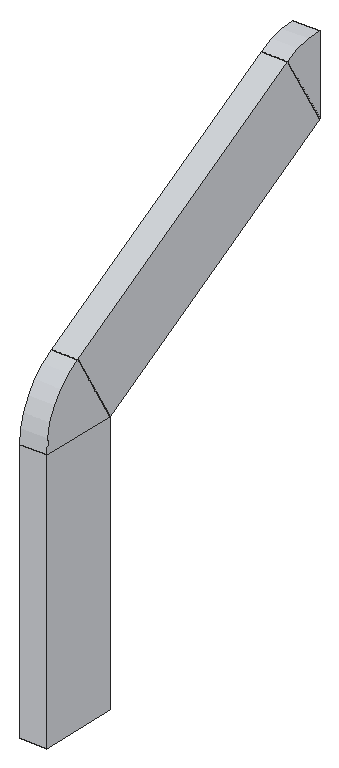
Revit family "telaio_studio", category Modelli generici, Revit 2019
Family settings
  Può ospitare armatura = No
  Quota connettore circolare = Usa diametro
  Tipo di parte = Normale
  Basato su piano di lavoro = No
  Sempre verticale = Sì
  Taglio con vuoti quando caricato = No
  Condiviso = No
  Punto di calcolo locali = No
Parameters
  raggio = 1000 mm
  lunghezza_trave = raggio / cos(angolo_mediano - 90.00°)  # 1154.701 mm
  inizio_estrusione = B / 2  # 50 mm
  fine_estrusione = -B / 2  # -50 mm
  angolo_nodo = angolo_mediano - 90.00°  # 30.00°
  angolo_mediano = 120.00°
  altezza_top = raggio * tan(angolo_mediano - 90.00°)  # 577.35 mm
  altezza_pilastro = 1000 mm
  H = 300 mm
  B = 100 mm
Reference planes
  plane 1 "Centro (Fronte/Retro)": y = 0
  plane 2: z = 0
  plane 3 "Centro (Sinistra/Destra)": x = 0
  plane 4: z = 1000
  plane 5: z = 1577.35
  plane 6: through (4267.2, 696.443, 371.076) normal (0, 0.866, 0.5)
  plane 7: y = 0
Forms (mm)
  Extrusion 1, solid
    sketch origin (0, -1000, 1000) x (0, 0.866025, 0.5) y (0, -0.5, 0.866025)
      loop
        line (-259.808, 150) -> (0, 0) -> (0, 300)
        arc (0, 300) -> (-150, 259.808) -> (-259.808, 150) r 300
    from 50 <- "inizio_estrusione" to -50 <- "fine_estrusione"
  Extrusion 2, solid
    sketch origin (0, -1000, 1000) x (0, 0.866025, 0.5) y (0, -0.5, 0.866025)
      loop
        line (1154.701, 0) -> (1304.701, 259.808)
        arc (1304.701, 259.808) -> (1232.346, 289.778) -> (1154.701, 300) r 300
        line (1154.701, 300) -> (1154.701, 0)
    from 50 <- "inizio_estrusione" to -50 <- "fine_estrusione"
Lines and regions (mm)
  reference lines
    curve 1: line (0, -1000, 0) -> (0, -1000, 1000)
    curve 2: line (0, -1000, 1000) -> (0, 0, 1577.35)
  model lines
    curve 3: circle (0, 0, 0) r 200 normal (0, 0, 1)
Dimensions and locks
  "raggio": curve 1 to plane 1 "Centro (Fronte/Retro)"
  "lunghezza_trave": curve 2 to curve 2
  "altezza_pilastro": plane 4 to plane 2
  "H": Extrusion 1 sketch curve to Extrusion 1 sketch curve
  "H": Extrusion 2 sketch curve to Extrusion 2 sketch curve
  "altezza_top": plane 5 to plane 4
  "angolo_mediano": angle curve 1 to curve 2
  "angolo_nodo": angle plane 7 to plane 6
  aligned and locked: level to plane 2
  aligned and locked: plane 4 to curve 1
  aligned and locked: plane 2 to curve 1
  aligned and locked: nested 1 to curve 1
  aligned and locked: plane 2 to nested 1
  aligned and locked: nested 2 to curve 2
  aligned and locked: Extrusion 1 sketch curve to plane 4
  aligned and locked: Extrusion 1 sketch curve to nested 2
  aligned and locked: plane 7 to Extrusion 2 sketch curve
  aligned and locked: plane 6 to Extrusion 2 sketch curve
Automatic sketch dimensions
  plane 1 "Centro (Fronte/Retro)" to curve 3 = 0 mm
  curve 3 to plane 3 "Centro (Sinistra/Destra)" = 0 mm
  Extrusion 1 sketch curve to curve 2 = 0 mm  (x2)
  curve 2 to Extrusion 2 sketch curve = 0 mm
  Extrusion 2 sketch curve to Extrusion 2 sketch curve = 0 mm
  radius of curve 3 = 200 mm
Nested families
  nested 1: "trave" at (0, -1000, 0) x (0, 0, 1) z (1, 0, 0), type "pilastro"
    with built-in parameter 1001306 3.2808 (stored number, unit not read), altezza_trave 300 mm
  nested 2: "trave" at (0, -1000, 1000) x (0, 0.866, 0.5) z (1, 0, 0), type "trave"
    with built-in parameter 1001306 3.7884 (stored number, unit not read), altezza_trave 300 mm, Lunghezza trave 1154.701 mm
Definition of nested family "trave"
  Parameters (values of type "pilastro")
    base_trave = 100 mm
    altezza_trave = 50 mm
    Lunghezza trave = 1000 mm
    built-in parameter 1001306 [instance] = Lunghezza trave  # 1000 mm
  Types (3): name
    (no name)
    trave
    pilastro
  Reference planes
    plane 1 "Centro (Fronte/Retro)": y = 0
    plane 2: z = 0
    plane 3 "Sinistra": x = 0
    plane 4 "Destra": x = 1000
    plane 5: y = 50
    plane 6: z = 50
    plane 7: z = -50
  Forms (mm)
    Extrusion 1, solid
      sketch origin (0, 0, 0) x (1, 0, 0) y (0, 1, 0)
        loop
          line (0, 50) -> (0, 0) -> (1000, 0) -> (1000, 50) -> (0, 50)
      from -50 to 50
  Lines and regions (mm)
    reference lines
      curve 1: line (0, 0, 0) -> (1000, 0, 0)
  Dimensions and locks
    "built-in parameter 1001306": plane 3 "Sinistra" to plane 4 "Destra"
    plane 6 to plane 2 = 50 mm
    "base_trave": plane 6 to plane 7
    "altezza_trave": plane 5 to plane 1 "Centro (Fronte/Retro)"
    equal spacing: plane 6, plane 2, plane 7
    aligned and locked: plane 4 "Destra" to curve 1
    aligned and locked: plane 1 "Centro (Fronte/Retro)" to curve 1
    aligned and locked: plane 3 "Sinistra" to curve 1
    aligned and locked: level to plane 2
    aligned and locked: Extrusion 1 sketch curve to plane 5
    aligned and locked: plane 3 "Sinistra" to Extrusion 1 sketch curve
    aligned and locked: Extrusion 1 sketch curve to plane 4 "Destra"
    aligned and locked: plane 1 "Centro (Fronte/Retro)" to Extrusion 1
    aligned and locked: plane 6 to Extrusion 1
    aligned and locked: Extrusion 1 to plane 7
  Automatic sketch dimensions
    plane 1 "Centro (Fronte/Retro)" to Extrusion 1 sketch curve = 0 mm
